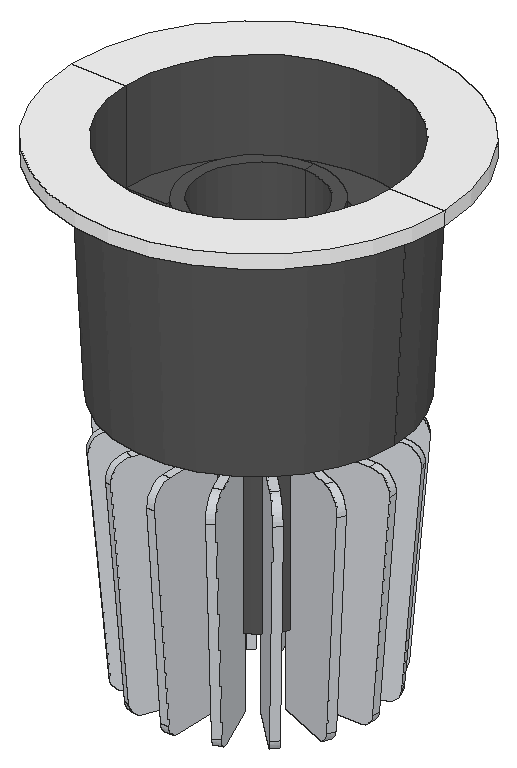
Revit family "2056218 Feilo Sylvania Lighting Fixture MYD ADJ BLK 3K PHDIM SIL BEZ", category Lighting Fixtures, host Face, Revit 2017
Family settings
  Host = Face
  Round Connector Dimension = Use Diameter
  Part Type = Normal
  OmniClass Number = 23.80.70.00
  OmniClass Title = Lighting
  Cut with Voids When Loaded = Yes
  Light Source = No
  Shared = No
  Room Calculation Point = No
Parameters
  Weight = "0.39 kg"
  Wattage Comments = "n/a"
  WarrantyStartDate [instance] = "n/a"
  WarrantyGuarantorParts = "n/a"
  WarrantyDurationUnit = "n/a"
  WarrantyDurationParts = "n/a"
  WarrantyDescription = "n/a"
  Voltage = 230 V
  VerticalTiltStart_FEILO [instance] = VerticalTilt_FEILO + 90.00°  # 90.00°
  VerticalTilt_FEILO [instance] = 0.00°
  URL = "http://www.sylvania-lighting.com"
  TypeName = "MYRIDSQ IP65 FLD 3K STD"
  Type Image = <None>
  Type Comments = "n/a"
  SphereRadius_FEILO = 27.4 mm
  SerialNumber [instance] = "n/a"
  ReflectorMaterial = Default
  PowerFactor = 0
  PowerConsumption = "10 W"
  NominalLength = 72 mm
  NominalHeight = 64 mm
  NominalDepth = 72 mm
  Name = "MYRIDSQ IP65 FLD 3K STD"
  ModelReference = Name  # "MYRIDSQ IP65 FLD 3K STD"
  ModelNumber = "2056380"
  Model = Name  # "MYRIDSQ IP65 FLD 3K STD"
  Material = "aluminium housing"
  ManufacturerName = "Feilo Sylvania"
  Manufacturer = "Feilo Sylvania"
  LuminousEfficacy = "117 lm/W"
  LuminaireType = ""
  LightOutputRatio = "100"
  LampsType = Lamp  # "LED"
  LampType_FEILO = MyriadAdjustableRoundLamp : 2056218 MYD ADJ BLK 3K PHDIM SIL BEZ
  LampNominalLuminous = "1165 lm"
  LampMacAdamStep = "n/a"
  LampColourTemperature = "3000 K"
  LampColourRenderingIndex = "0"
  Lamp = "LED"
  Keynote = "16500"
  InstallationDate [instance] = "n/a"
  InputVoltage = "230-240V~"
  InputNominalFrequency = "50/60 Hz"
  IngressProtection = "IP65"
  ImpactProtectionIndex = "IK02"
  IfcExportType = "IfcLightFixtureType"
  IfcExportAs = "IfcLightFixtureType"
  HorizontalTilt_FEILO [instance] = 0.00°
  ExpectedLife = 50000
  ElectricShockClassification = "Class II"
  DurationUnit = "hours"
  DocumentationLiterature = "http://www.sylvania-lighting.com/product/en-int/products/2056380"
  DimmingControlOptions = "Non dimmable"
  DiffuserMaterial = Default
  Description = ""
  Default Elevation = 1219.2 mm
  CreatedOn = "11/13/2017"
  CreatedBy = ""
  Cost = 0
  built-in parameter 1114216 [instance] = (empty or 0)
  ClassificationValue = "EF_70_80"
  ClassificationName = "Uniclass2015"
  BodyMaterial = Body-Sylvania-MyriadAdjustableRound-Black
  BarCode [instance] = "n/a"
  AssetType = "Fixed"
  AssetIdentifier [instance] = "n/a"
  Assembly Code = "D5020200"
  Apparent Load = 10 VA
  AccessoryMaterial = Body-Sylvania-MyriadAdjustableRound-Silver
Reference planes
  plane 1 "Center (Front/Back)": y = 0
  plane 2: z = 0
  plane 3 "Center (Left/Right)": x = 0
  plane 4: z = 3.5
  plane 5: x = 38
  plane 6: x = -38
  plane 7: z = -120
  plane 8: x = -48
  plane 9: x = 48
  plane 10: z = -20
  plane 11: z = -55
  plane 12: x = -35
  plane 13: x = 35
  plane 14: x = -34
  plane 15: x = 34
  plane 16: z = -32
  plane 17: x = -25
  plane 18: x = 2.4
Forms (mm)
  Revolve 1, void
    sketch origin (0, 0, 0) x (1, 0, 0) y (0, 0, 1)
      loop
        line (-38, 0) -> (-38, -120) -> (0, -120) -> (0, 0) -> (-38, 0)
      axis (0, 0) -> (0, -120)
    angle from 360 to 0
  Revolve 2, solid, material "Body-Sylvania-MyriadAdjustableRound-Black" <- "BodyMaterial"
    sketch origin (0, 0, 0) x (1, 0, 0) y (0, 0, 1)
      loop
        line (-34, -20) -> (-34, 3.5) -> (-48, 3.5) -> (-48, 0) -> (-38, 0) -> (-35, -55) -> (-25, -55) -> (-25, -32)
        arc (-25, -32) -> (-24.299, -25.843) -> (-22.232, -20) r 27.4
        line (-22.232, -20) -> (-34, -20)
      axis (0, 3.5) -> (0, -55)
    angle from 360 to 0
  Revolve 3, solid, not visible
    sketch origin (0, 0, 0) x (1, 0, 0) y (0, 0, 1)
      loop
        line (0, -32) -> (2.4, -32) -> (2.4, -20) -> (0, -20) -> (0, -32)
      axis (0, -20) -> (0, -32)
    angle from 90 <- "VerticalTiltStart_FEILO" to 0 <- "VerticalTilt_FEILO"
Lines and regions (mm)
  reference lines
    curve 1: circle (2.4, 0, -32) r 27.4 normal (0, -1, 0)
Dimensions and locks
  locked: plane 4 to plane 2 at 3.5
  plane 2 to plane 7 = 120 mm
  equal spacing: plane 5, plane 3 "Center (Left/Right)", plane 6
  locked: plane 3 "Center (Left/Right)" to plane 6 at 38
  equal spacing: plane 9, plane 3 "Center (Left/Right)", plane 8
  locked: plane 6 to plane 8 at 10
  locked: plane 2 to plane 10 at 20
  locked: plane 2 to plane 11 at 55
  equal spacing: plane 13, plane 3 "Center (Left/Right)", plane 12
  locked: plane 12 to plane 6 at 3
  equal spacing: plane 15, plane 3 "Center (Left/Right)", plane 14
  locked: plane 3 "Center (Left/Right)" to plane 14 at 34
  locked: plane 3 "Center (Left/Right)" to plane 17 at 25
  locked: plane 18 to plane 17 at 27.4
  locked: plane 10 to plane 16 at 12
  "SphereRadius_FEILO": radius of curve 1
  "SphereRadius_FEILO": radius of Revolve 2 sketch curve
  aligned and locked: plane 2 to host face
  aligned and locked: level to host face
  aligned and locked: Revolve 1 sketch curve to plane 3 "Center (Left/Right)"  (x2)
  aligned and locked: Revolve 1 sketch curve to level
  aligned and locked: plane 6 to Revolve 1 sketch curve
  aligned and locked: Revolve 1 sketch curve to plane 7
  aligned and locked: plane 14 to Revolve 2 sketch curve
  aligned and locked: Revolve 2 sketch curve to plane 4
  aligned and locked: Revolve 2 sketch curve to plane 8
  aligned and locked: Revolve 2 sketch curve to level
  aligned and locked: Revolve 2 sketch curve to plane 3 "Center (Left/Right)"
  aligned and locked: plane 18 to curve 1
  aligned and locked: plane 16 to curve 1
  aligned and locked: plane 10 to Revolve 2 sketch curve
  aligned and locked: plane 11 to Revolve 2 sketch curve
  aligned and locked: Revolve 2 sketch curve to plane 17
  aligned and locked: plane 16 to Revolve 3 sketch curve
  aligned and locked: Revolve 3 sketch curve to plane 3 "Center (Left/Right)"  (x2)
  aligned and locked: Revolve 3 sketch curve to plane 10
  aligned and locked: plane 18 to Revolve 3 sketch curve
  aligned and locked: nested 1 to plane 16
Automatic sketch dimensions
  host sketch curve to host sketch curve = 2438.4 mm  (x2)
  plane 7 to Revolve 1 sketch curve = 489.6 mm
  Revolve 1 sketch curve to plane 4 = 2604.058 mm
  Revolve 2 sketch curve to plane 6 = 0 mm
  Revolve 2 sketch curve to plane 12 = 0 mm
  Revolve 2 sketch curve to plane 16 = 0 mm
  plane 7 to Revolve 2 sketch curve = 489.6 mm
  Revolve 2 sketch curve to plane 4 = 2604.058 mm
  plane 7 to Revolve 3 sketch curve = 489.6 mm
  Revolve 3 sketch curve to plane 4 = 2605.558 mm
Nested families
  nested 1: "rev_horizontal" at (0, 0, -32) x (1, 0, 0) z (0, -1, 0), HorizontalAxis <- "HorizontalTilt_FEILO", type "rev_horizontal", not visible
    with HorizontalAxis 0.00°, EndAngle 90.00°
  nested 2: "MyriadAdjustableRoundLamp" at (0, 0, -32) x (0, -1, 0) z (0, 0, -1), type <- "LampType_FEILO", type "2056218 MYD ADJ BLK 3K PHDIM SIL BEZ"
  nested 3: "Rib" at (0, 0, -10.5) x (0, -1, 0) z (0, 0, -1), type "Rib"
  nested 4: "Rib" at (0, 0, -10.5) x (0.7071, -0.7071, 0) z (0, 0, -1), type "Rib"
  nested 5: "Rib" at (0, 0, -10.5) x (1, 0, 0) z (0, 0, -1), type "Rib"
  nested 6: "Rib" at (0, 0, -10.5) x (0.7071, 0.7071, 0) z (0, 0, -1), type "Rib"
  nested 7: "Rib" at (0, 0, -10.5) x (0, 1, 0) z (0, 0, -1), type "Rib"
  nested 8: "Rib" at (0, 0, -10.5) x (-0.7071, 0.7071, 0) z (0, 0, -1), type "Rib"
  nested 9: "Rib" at (0, 0, -10.5) x (-1, 0, 0) z (0, 0, -1), type "Rib"
  nested 10: "Rib" at (0, 0, -10.5) x (-0.7071, -0.7071, 0) z (0, 0, -1), type "Rib"
  nested 11: "Rib" at (0, 0, -10.5) x (0.3827, -0.9239, 0) z (0, 0, -1), type "Rib"
  nested 12: "Rib" at (0, 0, -10.5) x (0.9239, -0.3827, 0) z (0, 0, -1), type "Rib"
  nested 13: "Rib" at (0, 0, -10.5) x (0.9239, 0.3827, 0) z (0, 0, -1), type "Rib"
  nested 14: "Rib" at (0, 0, -10.5) x (0.3827, 0.9239, 0) z (0, 0, -1), type "Rib"
  nested 15: "Rib" at (0, 0, -10.5) x (-0.3827, 0.9239, 0) z (0, 0, -1), type "Rib"
  nested 16: "Rib" at (0, 0, -10.5) x (-0.9239, 0.3827, 0) z (0, 0, -1), type "Rib"
  nested 17: "Rib" at (0, 0, -10.5) x (-0.9239, -0.3827, 0) z (0, 0, -1), type "Rib"
  nested 18: "Rib" at (0, 0, -10.5) x (-0.3849, -0.923, 0) z (0, 0, -1), type "Rib"
Connectors
  electrical at (0, 0, 0), driven by "Apparent Load", driven by "PowerFactor", driven by "Voltage"
    settings: index 1, voltage 230 V, apparent load 10 VA, apparent load phase1 0 VA, apparent load phase2 0 VA, apparent load phase3 0 VA, power factor 0, load classification "Lighting", number of poles 1, system type 30, power factor state 1, is connector primary yes, connector utility no, sub classification motor no, connector description ""
Definition of nested family "rev_horizontal"
  Parameters (values of type "rev_horizontal")
    URL = "http://www.feilosylvania.com"
    Type Comments = "n/a"
    ReflectorMaterial = none
    Model = "n/a"
    Manufacturer = "Feilo Sylvania"
    Keynote = "n/a"
    HorizontalAxis [instance] = 0.00°
    EndAngle [instance] = HorizontalAxis + 90.00°  # 90.00°
    DiffuserMaterial = none
    Description = "n/a"
    Default Elevation = 1219.2 mm
    Cost = 0
    BodyMaterial = none
    Assembly Code = "n/a"
    AccessoryMaterial = none
  Reference planes
    plane 1 "Center (Front/Back)": y = 0
    plane 2: z = 0
    plane 3 "Center (Left/Right)": x = 0
    plane 4: z = 10
    plane 5: x = -10
    plane 6: x = 10
  Forms (mm)
    Extrusion 1, solid
      sketch origin (-0.8, 0, 0) x (1, 0, 0) y (0, 1, 0)
        loop
          line (-1219.2, 1219.2) -> (-1219.2, -1219.2) -> (1219.2, -1219.2) -> (1219.2, 1219.2) -> (-1219.2, 1219.2)
      from 0 to -304.8
    Revolve 2, solid
      sketch origin (0, 0, 0) x (1, 0, 0) y (0, 0, 1)
        loop
          line (-10, 10) -> (-10, 0) -> (10, 0) -> (10, 10) -> (-10, 10)
        axis (-10, 0) -> (10, 0)
      angle from 0 <- "HorizontalAxis" to 90 <- "EndAngle"
  Dimensions and locks
    plane 4 to plane 2 = 10 mm
    aligned and locked: plane 2 to Extrusion 1
    aligned and locked: level to Extrusion 1
    aligned and locked: Revolve 2 sketch curve to plane 4
    aligned and locked: plane 5 to Revolve 2 sketch curve
    aligned and locked: Extrusion 1 to Revolve 2 sketch curve
    aligned and locked: Revolve 2 sketch curve to plane 2
    aligned and locked: Revolve 2 sketch curve to plane 6
Definition of nested family "MyriadAdjustableRoundLamp"
  Parameters (values of type "2056208 MYD ADJ WHT 3K PHDIM WHT BEZ")
    Wattage = 10 W
    built-in parameter 1150110 = 1 (stored number, unit not read)
    URL = "http://www.feilosylvania.com"
    Type Comments = "n/a"
    built-in parameter 1114217 = 1 (stored number, unit not read)
    Tilt Angle = 90.00°
    built-in parameter 1150109 = 1 (stored number, unit not read)
    built-in parameter 1150134 = (empty or 0)
    built-in parameter 1150113 = 1 (stored number, unit not read)
    ReflectorMaterial = none
    Photometric Web File = "2056208.ies"
    Model = "n/a"
    Manufacturer = "Feilo Sylvania"
    built-in parameter 1150105 = 55.704 (stored number, unit not read)
    Lumens = 700 lm
    built-in parameter 1150115 = 1 (stored number, unit not read)
    built-in parameter 1150137 = (empty or 0)
    built-in parameter 1150139 = (empty or 0)
    built-in parameter 1150112 = 1 (stored number, unit not read)
    built-in parameter 1150114 = 1 (stored number, unit not read)
    Keynote = "n/a"
    built-in parameter 1150132 = (empty or 0)
    built-in parameter 1150102 = (empty or 0)
    built-in parameter 1150107 = 3000 (stored number, unit not read)
    built-in parameter 1150138 = (empty or 0)
    built-in parameter 1150106 = 0.55704 (stored number, unit not read)
    Emit from Circle Diameter = 30 mm
    Emit Shape Visible in Rendering = no
    built-in parameter 1150104 = 6.5032 (stored number, unit not read)
    Dimming Lamp Color Temperature Shift = (empty or 0)
    DiffuserMaterial = none
    Description = "n/a"
    Default Elevation = 1219.2 mm
    Cost = 0
    Color Filter = 16777215
    BodyMaterial = none
    built-in parameter 1114218 = 1 (stored number, unit not read)
    built-in parameter 1150133 = 10 (stored number, unit not read)
    Assembly Code = "n/a"
    AccessoryMaterial = none
  Types (24, lengths in mm): name | Wattage | built-in parameter 1150134 | Photometric Web File | built-in parameter 1150105 | Lumens | built-in parameter 1150107 | built-in parameter 1150106 | built-in parameter 1150104
    2058036 MYRD AD BLK 2.7K DALI SIL BZ | 15 W | (empty or 0) | "2058036.ies" | 41.898 (stored number, unit not read) | 526.5 lm | 2700 (stored number, unit not read) | 0.41898 (stored number, unit not read) | 3.2609 (stored number, unit not read)
    2058035 MYRD AD BLK 2.7K PHDIM SIL BZ | 15 W | (empty or 0) | "2058035.ies" | 41.898 (stored number, unit not read) | 526.5 lm | 2700 (stored number, unit not read) | 0.41898 (stored number, unit not read) | 3.2609 (stored number, unit not read)
    2058034 MYRD AD BLK 2.7K DALI WHT BZ | 15 W | (empty or 0) | "2058034.ies" | 41.898 (stored number, unit not read) | 526.5 lm | 2700 (stored number, unit not read) | 0.41898 (stored number, unit not read) | 3.2609 (stored number, unit not read)
    2058033 MYRD AD BLK 2.7K PHDIM WHT BZ | 15 W | (empty or 0) | "2058033.ies" | 41.898 (stored number, unit not read) | 526.5 lm | 2700 (stored number, unit not read) | 0.41898 (stored number, unit not read) | 3.2609 (stored number, unit not read)
    2058032 MYRD AD WHT 2.7K DALI SIL BZ | 15 W | (empty or 0) | "2058032.ies" | 41.898 (stored number, unit not read) | 526.5 lm | 2700 (stored number, unit not read) | 0.41898 (stored number, unit not read) | 3.2609 (stored number, unit not read)
    2058031 MYRD AD WHT 2.7K PHDIM SIL BZ | 15 W | (empty or 0) | "2058031.ies" | 41.898 (stored number, unit not read) | 526.5 lm | 2700 (stored number, unit not read) | 0.41898 (stored number, unit not read) | 3.2609 (stored number, unit not read)
    2058030 MYRD AD WHT 2.7K DALI WHT BZ | 15 W | (empty or 0) | "2058030.ies" | 41.898 (stored number, unit not read) | 526.5 lm | 2700 (stored number, unit not read) | 0.41898 (stored number, unit not read) | 3.2609 (stored number, unit not read)
    2058029 MYRD AD WHT 2.7K PHDIM WHT BZ | 15 W | (empty or 0) | "2058029.ies" | 41.898 (stored number, unit not read) | 526.5 lm | 2700 (stored number, unit not read) | 0.41898 (stored number, unit not read) | 3.2609 (stored number, unit not read)
    2056223 MYD ADJ BLK 4K DALI SIL BEZ | 10 W | 12 | "2056223.ies" | 54.113 (stored number, unit not read) | 680 lm | 4000 (stored number, unit not read) | 0.54113 (stored number, unit not read) | 6.3174 (stored number, unit not read)
    2056222 MYD ADJ BLK 4K PHDIM SIL BZ | 10 W | 12 | "2056222.ies" | 54.113 (stored number, unit not read) | 680 lm | 4000 (stored number, unit not read) | 0.54113 (stored number, unit not read) | 6.3174 (stored number, unit not read)
    2056221 MYD ADJ BLK 4K DALII WHT BEZ | 10 W | 12 | "2056221.ies" | 54.113 (stored number, unit not read) | 680 lm | 4000 (stored number, unit not read) | 0.54113 (stored number, unit not read) | 6.3174 (stored number, unit not read)
    2056220 MYD ADJ BLK 4K PHDIM WHT BEZ | 10 W | 12 | "2056220.ies" | 54.113 (stored number, unit not read) | 680 lm | 4000 (stored number, unit not read) | 0.54113 (stored number, unit not read) | 6.3174 (stored number, unit not read)
    2056219 MYD ADJ BLK 3K DALI SIL BEZ | 10 W | (empty or 0) | "2056219.ies" | 55.704 (stored number, unit not read) | 700 lm | 3000 (stored number, unit not read) | 0.55704 (stored number, unit not read) | 6.5032 (stored number, unit not read)
    2056218 MYD ADJ BLK 3K PHDIM SIL BEZ | 10 W | (empty or 0) | "2056218.ies" | 55.704 (stored number, unit not read) | 700 lm | 3000 (stored number, unit not read) | 0.55704 (stored number, unit not read) | 6.5032 (stored number, unit not read)
    2056217 MYD ADJ BLK 3K DALI WHT BEZ | 10 W | (empty or 0) | "2056217.ies" | 55.704 (stored number, unit not read) | 700 lm | 3000 (stored number, unit not read) | 0.55704 (stored number, unit not read) | 6.5032 (stored number, unit not read)
    2056216 MYD ADJ BLK 3K PHDIM WHT BEZ | 10 W | (empty or 0) | "2056216.ies" | 55.704 (stored number, unit not read) | 700 lm | 3000 (stored number, unit not read) | 0.55704 (stored number, unit not read) | 6.5032 (stored number, unit not read)
    2056215 MYD ADJ WHT 4K DALI SIL BEZ | 10 W | 12 | "2056215.ies" | 54.113 (stored number, unit not read) | 680 lm | 4000 (stored number, unit not read) | 0.54113 (stored number, unit not read) | 6.3174 (stored number, unit not read)
    2056214 MYD ADJ WHT 4K PHDIM SIL BEZ | 10 W | 12 | "2056214.ies" | 54.113 (stored number, unit not read) | 680 lm | 4000 (stored number, unit not read) | 0.54113 (stored number, unit not read) | 6.3174 (stored number, unit not read)
    2056213 MYD ADJ WHT 4K DALI WHT BEZ | 10 W | 12 | "2056213.ies" | 54.113 (stored number, unit not read) | 680 lm | 4000 (stored number, unit not read) | 0.54113 (stored number, unit not read) | 6.3174 (stored number, unit not read)
    2056212 MYD ADJ WHT 4K PHDIM WHT BEZ | 10 W | 12 | "2056212.ies" | 54.113 (stored number, unit not read) | 680 lm | 4000 (stored number, unit not read) | 0.54113 (stored number, unit not read) | 6.3174 (stored number, unit not read)
    2056211 MYD ADJ WHT 3K DALI SIL BEZ | 10 W | (empty or 0) | "2056211.ies" | 55.704 (stored number, unit not read) | 700 lm | 3000 (stored number, unit not read) | 0.55704 (stored number, unit not read) | 6.5032 (stored number, unit not read)
    2056210 MYD ADJ WHT 3K PHDIM SIL BEZ | 10 W | (empty or 0) | "2056210.ies" | 55.704 (stored number, unit not read) | 700 lm | 3000 (stored number, unit not read) | 0.55704 (stored number, unit not read) | 6.5032 (stored number, unit not read)
    2056209 MYD ADJ WHT 3K DALI WHT BEZ | 10 W | (empty or 0) | "2056209.ies" | 55.704 (stored number, unit not read) | 700 lm | 3000 (stored number, unit not read) | 0.55704 (stored number, unit not read) | 6.5032 (stored number, unit not read)
    2056208 MYD ADJ WHT 3K PHDIM WHT BEZ | 10 W | (empty or 0) | "2056208.ies" | 55.704 (stored number, unit not read) | 700 lm | 3000 (stored number, unit not read) | 0.55704 (stored number, unit not read) | 6.5032 (stored number, unit not read)
  Reference planes
    plane 1 "Center (Front/Back)": y = 0
    plane 2: z = 0
    plane 3 "Center (Left/Right)": x = 0
    plane 4: x = -35
    plane 5: x = -12
    plane 6: x = -14.8
    plane 7: x = -25
    plane 8: x = -17.8
    plane 9: z = -18.5
    plane 10: z = 18.5
    plane 11: z = 29.5
    plane 12: z = 70.5
    plane 13: z = 89.5
    plane 14: z = 0
    plane 15: z = -6.5
    plane 16: x = -30
    plane 17: z = -21.5
  Forms (mm)
    Extrusion 1, solid
      sketch origin (-0.8, 0, 0) x (1, 0, 0) y (0, 1, 0)
        loop
          line (-1219.2, 1219.2) -> (-1219.2, -1219.2) -> (1219.2, -1219.2) -> (1219.2, 1219.2) -> (-1219.2, 1219.2)
      from 0 to -304.8
    Revolve 2, solid, material <- "BodyMaterial"
      sketch origin (0, 0, 0) x (1, 0, 0) y (0, 0, 1)
        loop
          line (-14.8, -21.5) -> (-14.8, -6.5) -> (0, -6.5) -> (0, 29.5) -> (-12, 29.5) -> (-12, 70.5) -> (-14.8, 70.5) -> (-14.8, 18.5) -> (-17.8, 18.5)
          arc (-17.8, 18.5) -> (-25, 0) -> (-17.8, -18.5) r 27.367
          line (-17.8, -18.5) -> (-17.8, -21.5) -> (-14.8, -21.5)
        axis (0, 70.5) -> (0, -21.5)
      angle from 0 to 360
    Revolve 3, solid, material <- "BodyMaterial", detail levels coarse+medium
      sketch origin (0, 0, 0) x (1, 0, 0) y (0, 0, 1)
        loop
          line (0, 29.5) -> (0, 89.5) -> (-30, 89.5) -> (-35, 29.5) -> (0, 29.5)
        axis (0, 89.5) -> (0, 29.5)
      angle from 0 to 360
  Lines and regions (mm)
    reference lines
      curve 1: line (0, 0, 0) -> (-32.336, 13.394, 0)
      curve 2: circle (0, 0, 0) r 35 normal (0, 0, 1)
      curve 3: line (0, 0, 0) -> (-24.749, 24.749, 0)
      curve 4: line (0, 0, 0) -> (-13.394, 32.336, 0)
      curve 5: line (0, 0, 0) -> (13.394, 32.336, 0)
      curve 6: line (0, 0, 0) -> (24.749, 24.749, 0)
      curve 7: line (0, 0, 0) -> (32.336, 13.394, 0)
      curve 8: line (0, 0, 0) -> (32.336, -13.394, 0)
      curve 9: line (0, 0, 0) -> (24.749, -24.749, 0)
      curve 10: line (0, 0, 0) -> (13.394, -32.336, 0)
      curve 11: line (0, 0, 0) -> (-13.394, -32.336, 0)
      curve 12: line (0, 0, 0) -> (-24.749, -24.749, 0)
      curve 13: line (0, 0, 0) -> (-32.336, -13.394, 0)
  Dimensions and locks
    locked: plane 3 "Center (Left/Right)" to plane 4 at 35
    locked: plane 3 "Center (Left/Right)" to plane 5 at 12
    locked: plane 3 "Center (Left/Right)" to plane 6 at 14.8
    locked: plane 3 "Center (Left/Right)" to plane 7 at 25
    locked: plane 3 "Center (Left/Right)" to plane 8 at 17.8
    equal spacing: plane 10, plane 14, plane 9, locked at 18.5 each
    locked: plane 3 "Center (Left/Right)" to plane 16 at 30
    locked: plane 9 to plane 17 at 3
    locked: plane 15 to plane 17 at 15
    locked: plane 10 to plane 17 at 40
    locked: plane 11 to plane 17 at 51
    locked: plane 12 to plane 17 at 92
    locked: plane 13 to plane 17 at 111
    radius of curve 2 = 35 mm
    angle curve 3 to plane 1 "Center (Front/Back)" = 45.00°
    angle curve 4 to plane 1 "Center (Front/Back)" = 67.50°
    angle plane 1 "Center (Front/Back)" to curve 5 = 67.50°
    angle plane 1 "Center (Front/Back)" to curve 6 = 45.00°
    angle plane 1 "Center (Front/Back)" to curve 7 = 22.50°
    angle curve 8 to plane 1 "Center (Front/Back)" = 22.50°
    angle curve 9 to plane 1 "Center (Front/Back)" = 45.00°
    angle curve 10 to plane 1 "Center (Front/Back)" = 67.50°
    angle curve 11 to plane 3 "Center (Left/Right)" = 22.50°
    angle curve 12 to plane 3 "Center (Left/Right)" = 45.00°
    angle curve 13 to plane 3 "Center (Left/Right)" = 67.50°
    aligned and locked: plane 2 to Extrusion 1
    aligned and locked: level to Extrusion 1
    aligned and locked: Revolve 2 sketch curve to plane 3 "Center (Left/Right)"  (x2)
    aligned and locked: plane 8 to Revolve 2 sketch curve  (x2)
    aligned and locked: plane 10 to Revolve 2 sketch curve
    aligned and locked: plane 6 to Revolve 2 sketch curve  (x2)
    aligned and locked: plane 12 to Revolve 2 sketch curve
    aligned and locked: Revolve 2 sketch curve to plane 5
    aligned and locked: plane 3 "Center (Left/Right)" to Revolve 2 sketch curve
    aligned and locked: plane 11 to Revolve 2 sketch curve
    aligned and locked: plane 3 "Center (Left/Right)" to curve 1
    aligned and locked: plane 3 "Center (Left/Right)" to curve 2
    aligned and locked: Revolve 3 sketch curve to plane 3 "Center (Left/Right)"
    aligned and locked: plane 13 to Revolve 3 sketch curve
    aligned and locked: plane 14 to level
    aligned and locked: plane 17 to Revolve 2 sketch curve
    aligned and locked: plane 15 to Revolve 2 sketch curve
    aligned and locked: plane 1 "Center (Front/Back)" to nested 1
    aligned and locked: nested 2 to curve 6
    aligned and locked: nested 2 to curve 3
    aligned and locked: plane 1 "Center (Front/Back)" to nested 3
    aligned and locked: nested 3 to plane 3 "Center (Left/Right)"
    aligned and locked: nested 4 to curve 3
    aligned and locked: nested 4 to curve 6
    aligned and locked: nested 5 to plane 3 "Center (Left/Right)"
    aligned and locked: nested 5 to plane 1 "Center (Front/Back)"
    aligned and locked: nested 6 to nested 2  (x2)
    aligned and locked: nested 7 to plane 1 "Center (Front/Back)"
    aligned and locked: plane 3 "Center (Left/Right)" to nested 7
    aligned and locked: nested 8 to nested 4  (x2)
    aligned and locked: nested 9 to curve 5
    aligned and locked: nested 9 to curve 1
    aligned and locked: nested 10 to curve 7
    aligned and locked: nested 10 to curve 4
    aligned and locked: nested 11 to curve 8
    aligned and locked: nested 11 to curve 5
    aligned and locked: nested 12 to curve 10
    aligned and locked: nested 12 to curve 7
    aligned and locked: nested 13 to nested 9  (x2)
    aligned and locked: nested 14 to nested 10  (x2)
    aligned and locked: nested 15 to curve 8
    aligned and locked: nested 15 to curve 11
    aligned and locked: imposter light to plane 1 "Center (Front/Back)"
    aligned and locked: plane 3 "Center (Left/Right)" to imposter light
    aligned and locked: imposter light to plane 17
  Automatic sketch dimensions
    Extrusion 1 sketch curve to Extrusion 1 sketch curve = 2438.4 mm  (x2)
    plane 1 "Center (Front/Back)" to curve 2 = 0 mm
    plane 1 "Center (Front/Back)" to curve 11 = 0 mm
    curve 1 to plane 16 = 2.336 mm
    Revolve 3 sketch curve to level = 609.6 mm
    Revolve 3 sketch curve to Revolve 3 sketch curve = 2498.058 mm
    Revolve 3 sketch curve to plane 4 = 0 mm
    Revolve 3 sketch curve to plane 16 = 0 mm
    Revolve 3 sketch curve to plane 3 "Center (Left/Right)" = 0 mm
    Revolve 3 sketch curve to plane 11 = 0 mm
    Revolve 2 sketch curve to level = 0 mm
    plane 3 "Center (Left/Right)" to Revolve 2 sketch curve = 2.367 mm
    Revolve 2 sketch curve to plane 17 = 588.1 mm
    Revolve 2 sketch curve to plane 13 = 2498.058 mm
  Nested families
    nested 1: "Rib" at (0, 0, -21.5), type "Rib", detail levels fine
    nested 2: "Rib" at (0, 0, -21.5) x (0.7071, -0.7071, 0) z (0, 0, 1), type "Rib", detail levels fine
    nested 3: "Rib" at (0, 0, -21.5) x (0, -1, 0) z (0, 0, 1), type "Rib", detail levels fine
    nested 4: "Rib" at (0, 0, -21.5) x (-0.7071, -0.7071, 0) z (0, 0, 1), type "Rib", detail levels fine
    nested 5: "Rib" at (0, 0, -21.5) x (-1, 0, 0) z (0, 0, 1), type "Rib", detail levels fine
    nested 6: "Rib" at (0, 0, -21.5) x (-0.7071, 0.7071, 0) z (0, 0, 1), type "Rib", detail levels fine
    nested 7: "Rib" at (0, 0, -21.5) x (0, 1, 0) z (0, 0, 1), type "Rib", detail levels fine
    nested 8: "Rib" at (0, 0, -21.5) x (0.7071, 0.7071, 0) z (0, 0, 1), type "Rib", detail levels fine
    nested 9: "Rib" at (0, 0, -21.5) x (0.9239, -0.3827, 0) z (0, 0, 1), type "Rib", detail levels fine
    nested 10: "Rib" at (0, 0, -21.5) x (0.3827, -0.9239, 0) z (0, 0, 1), type "Rib", detail levels fine
    nested 11: "Rib" at (0, 0, -21.5) x (-0.3827, -0.9239, 0) z (0, 0, 1), type "Rib", detail levels fine
    nested 12: "Rib" at (0, 0, -21.5) x (-0.9239, -0.3827, 0) z (0, 0, 1), type "Rib", detail levels fine
    nested 13: "Rib" at (0, 0, -21.5) x (-0.9239, 0.3827, 0) z (0, 0, 1), type "Rib", detail levels fine
    nested 14: "Rib" at (0, 0, -21.5) x (-0.3827, 0.9239, 0) z (0, 0, 1), type "Rib", detail levels fine
    nested 15: "Rib" at (0, 0, -21.5) x (0.3827, 0.9239, 0) z (0, 0, 1), type "Rib", detail levels fine
    nested 16: "Rib" at (0, 0, -21.5) x (0.923, 0.3849, 0) z (0, 0, 1), type "Rib", detail levels fine
  Definition of nested family "Rib"
    Parameters (values of type "Rib")
      URL = "http://www.feilosylvania.com"
      Type Comments = "n/a"
      ReflectorMaterial = none
      Model = "n/a"
      Manufacturer = "Feilo Sylvania"
      Keynote = "n/a"
      DiffuserMaterial = none
      Description = "n/a"
      Default Elevation = 1219.2 mm
      Cost = 0
      BodyMaterial = none
      Assembly Code = "n/a"
      AccessoryMaterial = none
    Reference planes
      plane 1 "Center (Front/Back)": y = 0
      plane 2: z = 0
      plane 3 "Center (Left/Right)": x = 0
      plane 4: x = -35
      plane 5: x = -30
      plane 6: x = -13
      plane 7: z = 51
      plane 8: z = 111
      plane 9: y = 1
      plane 10: y = -1
    Forms (mm)
      Extrusion 1, solid
        sketch origin (-0.8, 0, 0) x (1, 0, 0) y (0, 1, 0)
          loop
            line (-1219.2, 1219.2) -> (-1219.2, -1219.2) -> (1219.2, -1219.2) -> (1219.2, 1219.2) -> (-1219.2, 1219.2)
        from 0 to -304.8
      Extrusion 2, solid, material <- "BodyMaterial"
        sketch origin (0, 0, 0) x (1, 0, 0) y (0, 0, 1)
          loop
            line (-13, 111) -> (-27.182, 111)
            arc (-27.182, 111) -> (-29.214, 110.208) -> (-30.172, 108.249) r 3
            line (-30.172, 108.249) -> (-34.491, 56.415)
            arc (-34.491, 56.415) -> (-33.188, 52.614) -> (-29.509, 51) r 5
            line (-29.509, 51) -> (-13, 51) -> (-13, 111)
        from -1 to 1
    Dimensions and locks
      locked: plane 7 to plane 2 at 51
      locked: plane 8 to plane 2 at 111
      locked: plane 3 "Center (Left/Right)" to plane 6 at 13
      locked: plane 3 "Center (Left/Right)" to plane 5 at 30
      locked: plane 3 "Center (Left/Right)" to plane 4 at 35
      equal spacing: plane 10, plane 1 "Center (Front/Back)", plane 9, locked at 1 each
      locked: plane 10 to plane 9 at 2
      aligned and locked: plane 2 to Extrusion 1
      aligned and locked: level to Extrusion 1
      aligned and locked: plane 8 to Extrusion 2 sketch curve  (x2)
      aligned and locked: Extrusion 2 sketch curve to plane 6
      aligned and locked: Extrusion 2 sketch curve to plane 7
      aligned and locked: Extrusion 2 to plane 9
      aligned and locked: plane 10 to Extrusion 2
    Automatic sketch dimensions
      Extrusion 1 sketch curve to Extrusion 1 sketch curve = 2438.4 mm  (x2)
      Extrusion 2 sketch curve to plane 6 = 0 mm
      plane 5 to Extrusion 2 sketch curve = 2.818 mm
      plane 5 to Extrusion 2 sketch curve = 0.491 mm
      Extrusion 2 sketch curve to plane 5 = 0.172 mm
      plane 4 to Extrusion 2 sketch curve = 0.509 mm
      Extrusion 2 sketch curve to Extrusion 2 sketch curve = 5 mm
      Extrusion 2 sketch curve to Extrusion 2 sketch curve = 3 mm
Definition of nested family "Rib"
  Parameters (values of type "Rib")
    URL = "http://www.feilosylvania.com"
    Type Comments = "n/a"
    ReflectorMaterial = none
    Model = "n/a"
    Manufacturer = "Feilo Sylvania"
    Keynote = "n/a"
    DiffuserMaterial = none
    Description = "n/a"
    Default Elevation = 1219.2 mm
    Cost = 0
    BodyMaterial = none
    Assembly Code = "n/a"
    AccessoryMaterial = none
  Reference planes
    plane 1 "Center (Front/Back)": y = 0
    plane 2: z = 0
    plane 3 "Center (Left/Right)": x = 0
    plane 4: x = -35
    plane 5: x = -30
    plane 6: x = -13
    plane 7: z = 51
    plane 8: z = 111
    plane 9: y = 1
    plane 10: y = -1
  Forms (mm)
    Extrusion 1, solid
      sketch origin (-0.8, 0, 0) x (1, 0, 0) y (0, 1, 0)
        loop
          line (-1219.2, 1219.2) -> (-1219.2, -1219.2) -> (1219.2, -1219.2) -> (1219.2, 1219.2) -> (-1219.2, 1219.2)
      from 0 to -304.8
    Extrusion 2, solid, material <- "BodyMaterial"
      sketch origin (0, 0, 0) x (1, 0, 0) y (0, 0, 1)
        loop
          line (-13, 111) -> (-27.182, 111)
          arc (-27.182, 111) -> (-29.214, 110.208) -> (-30.172, 108.249) r 3
          line (-30.172, 108.249) -> (-34.491, 56.415)
          arc (-34.491, 56.415) -> (-33.188, 52.614) -> (-29.509, 51) r 5
          line (-29.509, 51) -> (-13, 51) -> (-13, 111)
      from -1 to 1
  Dimensions and locks
    locked: plane 7 to plane 2 at 51
    locked: plane 8 to plane 2 at 111
    locked: plane 3 "Center (Left/Right)" to plane 6 at 13
    locked: plane 3 "Center (Left/Right)" to plane 5 at 30
    locked: plane 3 "Center (Left/Right)" to plane 4 at 35
    equal spacing: plane 10, plane 1 "Center (Front/Back)", plane 9, locked at 1 each
    locked: plane 10 to plane 9 at 2
    aligned and locked: plane 2 to Extrusion 1
    aligned and locked: level to Extrusion 1
    aligned and locked: plane 8 to Extrusion 2 sketch curve  (x2)
    aligned and locked: Extrusion 2 sketch curve to plane 6
    aligned and locked: Extrusion 2 sketch curve to plane 7
    aligned and locked: Extrusion 2 to plane 9
    aligned and locked: plane 10 to Extrusion 2
  Automatic sketch dimensions
    Extrusion 1 sketch curve to Extrusion 1 sketch curve = 2438.4 mm  (x2)
    Extrusion 2 sketch curve to plane 6 = 0 mm
    plane 5 to Extrusion 2 sketch curve = 2.818 mm
    plane 5 to Extrusion 2 sketch curve = 0.491 mm
    Extrusion 2 sketch curve to plane 5 = 0.172 mm
    plane 4 to Extrusion 2 sketch curve = 0.509 mm
    Extrusion 2 sketch curve to Extrusion 2 sketch curve = 5 mm
    Extrusion 2 sketch curve to Extrusion 2 sketch curve = 3 mm
